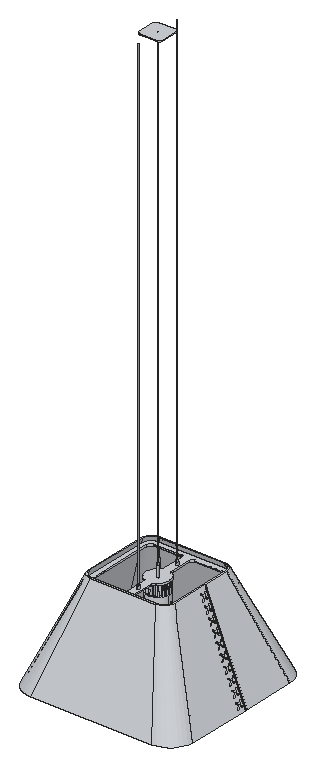
Revit family "BuzziSpace - BuzziShade - Square2", category Lighting Fixtures, host Ceiling, Revit 2019 (continued)
Definition of nested family "BuzziShade Light Frame"
  Definition of nested family "Light Source"
    Forms (in)
      Blend 2, solid, material <- "Metal Housing", visible <- "Heatsink"
        base sketch origin (0, 0, -4.37109) x (1, 0, 0) y (0, 1, 0)
          loop
            line (1.74044, -0.91971) -> (1.3635, -0.60342)
            arc (1.3635, -0.60342) -> (1.41521, -0.46949) -> (1.4538, -0.33121) r 1.49105
            line (1.4538, -0.33121) -> (1.92579, -0.41444) -> (1.9514, -0.26922) -> (1.47941, -0.18599)
            arc (1.47941, -0.18599) -> (1.49105, 0) -> (1.47941, 0.18599) r 1.49105
            line (1.47941, 0.18599) -> (1.9514, 0.26922) -> (1.92579, 0.41444) -> (1.4538, 0.33121)
            arc (1.4538, 0.33121) -> (1.40113, 0.50997) -> (1.32658, 0.68076) r 1.49105
            line (1.32658, 0.68076) -> (1.74164, 0.9204) -> (1.66791, 1.0481) -> (1.25285, 0.80847)
            arc (1.25285, 0.80847) -> (1.14221, 0.95843) -> (1.01374, 1.09342) r 1.49105
            line (1.01374, 1.09342) -> (1.32181, 1.46057) -> (1.20885, 1.55535) -> (0.90078, 1.18821)
            arc (0.90078, 1.18821) -> (0.74553, 1.29129) -> (0.57863, 1.3742) r 1.49105
            line (0.57863, 1.3742) -> (0.74255, 1.82457) -> (0.60398, 1.87501) -> (0.44006, 1.42463)
            arc (0.44006, 1.42463) -> (0.30101, 1.46035) -> (0.15918, 1.48253) r 1.49105
            line (0.15918, 1.48253) -> (0.07373, 1.96712)
            arc (0.07373, 1.96712) -> (0, 1.9685) -> (-0.07373, 1.96712) r 1.9685
            line (-0.07373, 1.96712) -> (-0.15918, 1.48253)
        top sketch origin (0, 0, -4.37109) x (1, 0, 0) y (0, 1, 0)
          loop
            line (-0.68157, 1.81317) -> (-0.51635, 1.35923)
            arc (-0.51635, 1.35923) -> (-0.72709, 1.25916) -> (-0.91912, 1.12669) r 1.45418
            line (-0.91912, 1.12669) -> (-1.22964, 1.49675) -> (-1.26068, 1.4707) -> (-0.95016, 1.10064)
            arc (-0.95016, 1.10064) -> (-1.11397, 0.93453) -> (-1.24911, 0.74437) r 1.45418
            line (-1.24911, 0.74437) -> (-1.66747, 0.98591) -> (-1.68773, 0.95082) -> (-1.26937, 0.70928)
            arc (-1.26937, 0.70928) -> (-1.36649, 0.49716) -> (-1.42844, 0.27225) r 1.45418
            line (-1.42844, 0.27225) -> (-1.90417, 0.35613) -> (-1.91121, 0.31623) -> (-1.43547, 0.23234)
            arc (-1.43547, 0.23234) -> (-1.45418, -0.0002) -> (-1.43547, -0.23274) r 1.45418
            line (-1.43547, -0.23274) -> (-1.91121, -0.31662) -> (-1.90417, -0.35653) -> (-1.42844, -0.27264)
            arc (-1.42844, -0.27264) -> (-1.38194, -0.45286) -> (-1.3128, -0.62567) r 1.45418
            line (-1.3128, -0.62567) -> (-1.71874, -0.96629) -> (-1.69603, -1.00562) -> (-1.19807, -0.82438)
            arc (-1.19807, -0.82438) -> (-1.08299, -0.97066) -> (-0.95016, -1.10104) r 1.45418
            line (-0.95016, -1.10104) -> (-1.26068, -1.4711) -> (-1.22964, -1.49714) -> (-0.91912, -1.12708)
            arc (-0.91912, -1.12708) -> (-0.72709, -1.25956) -> (-0.51635, -1.35962) r 1.45418
            line (-0.51635, -1.35962) -> (-0.68157, -1.81357) -> (-0.6435, -1.82743) -> (-0.47827, -1.37348)
            arc (-0.47827, -1.37348) -> (-0.25252, -1.43229) -> (-0.02026, -1.45424) r 1.45418
            line (-0.02026, -1.45424) -> (-0.02026, -1.93732) -> (0.02026, -1.93732) -> (0.02026, -1.45424)
            arc (0.02026, -1.45424) -> (0.25252, -1.43229) -> (0.47827, -1.37348) r 1.45418
            line (0.47827, -1.37348) -> (0.6435, -1.82743) -> (0.68157, -1.81357) -> (0.51635, -1.35962)
            arc (0.51635, -1.35962) -> (0.72709, -1.25956) -> (0.91912, -1.12708) r 1.45418
            line (0.91912, -1.12708) -> (1.22964, -1.49714) -> (1.26068, -1.4711) -> (0.95016, -1.10104)
            arc (0.95016, -1.10104) -> (1.08299, -0.97066) -> (1.19807, -0.82438) r 1.45418
            line (1.19807, -0.82438) -> (1.69603, -1.00562) -> (1.71874, -0.96629) -> (1.3128, -0.62567)
            arc (1.3128, -0.62567) -> (1.38194, -0.45286) -> (1.42844, -0.27264) r 1.45418
            line (1.42844, -0.27264) -> (1.90417, -0.35653) -> (1.91121, -0.31662) -> (1.43547, -0.23274)
            arc (1.43547, -0.23274) -> (1.45418, -0.0002) -> (1.43547, 0.23234) r 1.45418
            line (1.43547, 0.23234) -> (1.91121, 0.31623) -> (1.90417, 0.35613) -> (1.42844, 0.27225)
            arc (1.42844, 0.27225) -> (1.36649, 0.49716) -> (1.26937, 0.70928) r 1.45418
            line (1.26937, 0.70928) -> (1.68773, 0.95082) -> (1.66747, 0.98591) -> (1.24911, 0.74437)
            arc (1.24911, 0.74437) -> (1.11397, 0.93453) -> (0.95016, 1.10064) r 1.45418
            line (0.95016, 1.10064) -> (1.26068, 1.4707) -> (1.22964, 1.49675) -> (0.91912, 1.12669)
            arc (0.91912, 1.12669) -> (0.72709, 1.25916) -> (0.51635, 1.35923) r 1.45418
            line (0.51635, 1.35923) -> (0.68157, 1.81317) -> (0.6435, 1.82703) -> (0.47827, 1.37308)
            arc (0.47827, 1.37308) -> (0.29895, 1.42292) -> (0.11473, 1.44945) r 1.45418
            line (0.11473, 1.44945) -> (0.02271, 1.97132)
            arc (0.02271, 1.97132) -> (0, 1.97145) -> (-0.02271, 1.97132) r 1.97165
            line (-0.02271, 1.97132) -> (-0.11473, 1.44945)
            arc (-0.11473, 1.44945) -> (-0.29895, 1.42292) -> (-0.47827, 1.37308) r 1.45418
            line (-0.47827, 1.37308) -> (-0.6435, 1.82703) -> (-0.68157, 1.81317)
        from 14.56641 to 16.53516
      Revolve 3, solid, material <- "Glass", visible <- "Globe"
        sketch origin (0, 0, -4.37109) x (1, 0, 0) y (0, 0, 1)
          loop
            arc (-1.9514, 14.56641) -> (-2.74785, 11.3245) -> (0, 9.42883) r 2.93939
            line (0, 9.42883) -> (0, 9.54017)
            arc (0, 9.54017) -> (-2.63572, 11.34312) -> (-1.91076, 14.45313) r 2.82805
            line (-1.91076, 14.45313) -> (0, 14.45313) -> (0, 14.56641) -> (-1.9514, 14.56641)
          axis (0, 14.56641) -> (0, 9.42883)
        angle from 0 to 360
      Revolve 4, solid, material <- "Metal Housing", visible <- "Retrofit"
        sketch origin (0, 0, -4.37137) x (0, 1, 0) y (0, 0, 1)
          loop
            line (0, 16.53543) -> (0, 16.47293) -> (0.82333, 16.47293) -> (0.82333, 14.09449) -> (0.88583, 14.09449) -> (0.88583, 16.45426)
            arc (0.88583, 16.45426) -> (0.86205, 16.51166) -> (0.80465, 16.53543) r 0.08117
            line (0.80465, 16.53543) -> (0, 16.53543)
          axis (0, 16.53543) -> (0, 14.09449)
        angle from 0 to 360
      Revolve 5, solid, material <- "Glass", visible <- "Retrofit"
        sketch origin (0, 0, 12.16406) x (1, 0, 0) y (0, 0, 1)
          loop
            line (0, -1.04122) -> (-0.18388, -1.04122) -> (-0.50358, -1.39628) -> (-0.50358, -2.2405) -> (-0.68036, -2.41727)
            arc (-0.68036, -2.41727) -> (-0.67096, -2.69354) -> (-0.68026, -2.96982) r 4.08786
            arc (-0.68026, -2.96982) -> (-0.69868, -3.10227) -> (-0.73557, -3.23081) r 0.9468
            arc (-0.73557, -3.23081) -> (-0.79055, -3.35352) -> (-0.86236, -3.46719) r 0.9468
            arc (-0.86236, -3.46719) -> (-1.00294, -3.69905) -> (-1.10004, -3.95221) r 1.51844
            arc (-1.10004, -3.95221) -> (-1.16074, -4.24035) -> (-1.1811, -4.53411) r 2.129
            arc (-1.1811, -4.53411) -> (-0.83517, -5.36927) -> (0, -5.71521) r 1.1811
            line (0, -5.71521) -> (0, -1.04122)
          axis (0, -1.04122) -> (0, -5.71521)
        angle from 0 to 360
      Revolve 6, solid, material <- "Reflector", visible <- "Spot"
        sketch origin (0, 0, -4.37109) x (1, 0, 0) y (0, 0, 1)
          loop
            line (-1.41339, 12.45276) -> (-1.34869, 12.45276)
            arc (-1.34869, 12.45276) -> (-1.05794, 13.46178) -> (-0.53525, 14.37252) r 4.37733
            line (-0.53525, 14.37252) -> (-0.30009, 14.44488) -> (-1.88983, 14.44488) -> (-1.88983, 12.40158) -> (-1.41339, 12.40158) -> (-1.41339, 12.45276)
          axis (0, 14.44488) -> (0, 12.40158)
        angle from 0 to 360
    Dimensions and locks (in)
      aligned and locked: level to plane 2
Types (6): name | Width Toggle | Solo Cable Adjustment | Medium | Light Toggle | Mounting Suspension Length | Beam
  Retrofit Medium | 1 | 0' - 0.90639" | yes | 1 | 7' - 1 57/64" | no
  Globe Medium | 1 | 0' - 0.90639" | yes | 2 | 7' - 1 57/64" | no
  Spot Medium | 1 | 0' - 0 13/16" | yes | 3 | 7' - 1 57/64" | no
  Retrofit Beam | 2 | 0' - 0 13/16" | no | 1 | 7' - 2 7/8" | yes
  Spot Beam | 2 | 0' - 0 13/16" | no | 3 | 7' - 2 7/8" | yes
  Globe Beam | 2 | 0' - 0 13/16" | no | 2 | 7' - 2 7/8" | yes
